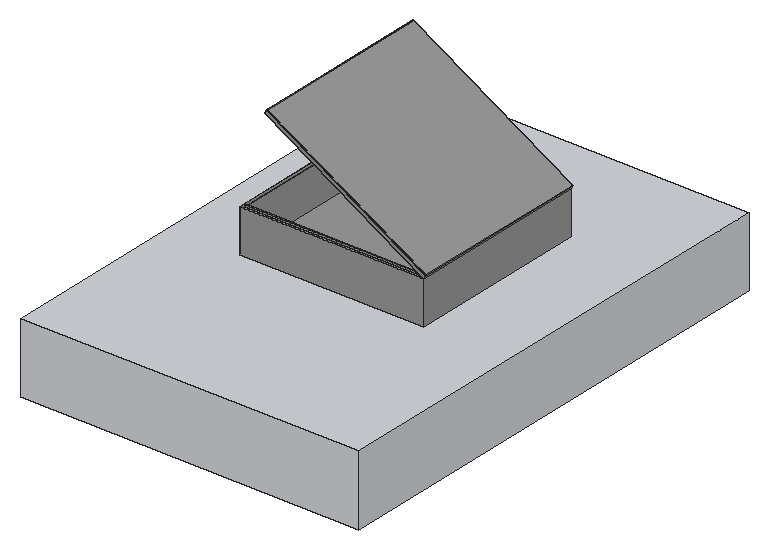
Revit family "Hager-Univers-IP54-D205-H800-Cl.I-Encl-CH-en", category Equipement électrique, Revit 2020
Family settings
  Hôte = Face
  Configuration du panneau = Deux colonnes, circuits au sein
  Cote de connecteur circulaire = Utiliser le diamètre
  Type d'élément = Tableau de raccordement
  Couper avec des vides une fois chargée = Non
  Partagée = Non
  Point de calcul de pièce = Non
Parameters (values of type "Surface mounted (plaster) IP54 W800 H800 D205  - FP53TW2")
  Width Control [instance] = if([EF000008 - Width] > Min Width, [EF000008 - Width], Min Width)  # 800 mm
  Commentaires du type = [HG000003 - Range]  # "Univers"
  Thickness Door [instance] = if([EF009171 - Material plate thickness door/cover] > 3 mm, 3 mm, [EF009171 - Material plate thickness door/cover])  # 1 mm
  Seal Frame Offset [instance] = 17 mm  # constant formula
  Plinth Visibility [instance] = [HG000027 - Plinth height] > 0 mm  # no
  Model = ""
  Min Width [instance] = 100 mm  # constant formula
  Min Height [instance] = 100 mm  # constant formula
  Min Depth [instance] = (2 * [EF009170 - Material plate thickness cabinet]) + 1 mm  # 3 mm
  Internal Frame Depth [instance] = (Door System Depth * 0.5)  # 9 mm
  Height Control [instance] = if([EF000040 - Height] > Min Height, [EF000040 - Height], Min Height)  # 800 mm
  HG000027 - Plinth height = 0 mm
  HG000026 - Floor standing = no
  HG000024 - Bottom section height = 800 mm
  HG000023 - Double section enclosure = no
  HG000016 - Door 3d visibility [instance] = yes
  HG000015 - Clearance visibility [instance] = no
  HG000014 - Door on the right [instance] = yes
  HG000013 - Door on the left [instance] = not([HG000014 - Door on the right])  # no
  HG000012 - Door swing angle [instance] = 30.00°
  HG000010 - Asymmetric doors = no
  HG000009 - Double swing door = no
  HG000006 - Flush mounted = no
  HG000004 - Manufacturer reference = "FP53TW2"
  HG000003 - Range = "Univers"
  HG000002 - With door or cover = yes
  Frame Offset Bottom [instance] = 10 mm  # constant formula
  Frame Offset [instance] = 15 mm  # constant formula
  EF015940 - Cover with overpressure release = no
  EF011959 - Degree of protection (NEMA) = ""
  EF009554 - Number of openings for flange plates = 6
  EF009212 - Cover model = "EV000116 - Closed"
  EF009171 - Material plate thickness door/cover = 1 mm
  EF009170 - Material plate thickness cabinet = 1 mm
  Fabricant = "Hager"  # constant formula
  EF008873 - Nominal current (In) = 250 A
  EF007800 - Suitable for lightning protection = no
  EF006306 - With lock = no
  EF006244 - Transparent cover/door = no
  EF005474 - Degree of protection (IP) = "EV006419 - IP54"
  EF004464 - Type of door = "EV002646 - Single"
  EF004427 - Number of modules = 180
  EF004293 - Impact strength = "EV006815 - IK09"
  EF003532 - Suitable for outdoor use = no
  EF002950 - Width in number of modular spacings = 36
  EF001613 - Circuit integrity = "EV000494 - None"
  EF001596 - Material housing = "EV000179 - Steel"
  EF001131 - Internal depth = 205 mm
  EF001088 - Extension possible = yes
  EF000437 - Number of conduit inlets = 6
  EF000339 - Type of cover = "EV001012 - Cover"
  EF000266 - Number of rows = 5
  EF000218 - Built-in depth = 205 mm
  EF000118 - With mounting plate = no
  EF000116 - RAL-number = "9010"
  EF000049 - Depth = 205 mm
  EF000040 - Height = 800 mm
  EF000008 - Width = 800 mm
  EF000007 - Colour = "EV000202 - White"
  EF000003 - Mounting method = "EV000384 - Surface mounted (plaster)"
  Door System Leaf Tolerance [instance] = 1.5 mm  # constant formula
  Door System Depth [instance] = 18 mm  # constant formula
  Door Height [instance] = Height Control - [HG000027 - Plinth height]  # 800 mm
  Depth Control [instance] = if([EF000049 - Depth] > Min Depth, [EF000049 - Depth], Min Depth)  # 205 mm
  Default Elevation = 0 mm
  Connector Offset [instance] = Height Control / 2  # 400 mm
  Bottom Top Plate Trim [instance] = 1.5 mm  # constant formula
  Plinth height Ctrl [instance] = if([HG000027 - Plinth height] > 0 mm, [HG000027 - Plinth height], 12 mm)  # 12 mm
Types (5, lengths in mm): name | Width Control | HG000004 - Manufacturer reference | EF009554 - Number of openings for flange plates | EF004464 - Type of door | EF004427 - Number of modules | EF002950 - Width in number of modular spacings | EF000437 - Number of conduit inlets | EF000008 - Width
  Surface mounted (plaster) IP54 W1050 H800 D205  - FP54TW2 | 1050 | "FP54TW2" | 8 | "EV003602 - Double" | 240 | 48 | 8 | 1050
  Surface mounted (plaster) IP54 W1300 H800 D205  - FP55TW2 | 1300 | "FP55TW2" | 10 | "EV003602 - Double" | 300 | 60 | 10 | 1300
  Surface mounted (plaster) IP54 W300 H800 D205  - FP51TW2 | 300 | "FP51TW2" | 2 | "EV002646 - Single" | 60 | 12 | 2 | 300
  Surface mounted (plaster) IP54 W550 H800 D205  - FP52TW2 | 550 | "FP52TW2" | 4 | "EV002646 - Single" | 120 | 24 | 4 | 550
  Surface mounted (plaster) IP54 W800 H800 D205  - FP53TW2 | 800 | "FP53TW2" | 6 | "EV002646 - Single" | 180 | 36 | 6 | 800
Reference planes
  plane 1 "Center (Front/Back)": y = 0
  plane 2: z = 0
  plane 3 "Center (Left/Right)": x = 0
  plane 4: z = 205
  plane 5: y = 1
  plane 6: y = 400
  plane 7: y = 0
  plane 8: y = 800
  plane 9: z = 0
  plane 10: x = -385
  plane 11: x = 385
  plane 12: x = 384
  plane 13: x = -384
  plane 14: y = 799
  plane 15: x = -383
  plane 16: x = -400
  plane 17: x = 383
  plane 18: x = 400
  plane 19: x = 399
  plane 20: x = -399
  plane 21: y = 11
  plane 22: y = 800
  plane 23: y = 784
  plane 24: z = 187
  plane 25: z = 1
  plane 26: z = 186
  plane 27: z = 204
Forms (mm)
  Extrusion 1, solid
    sketch origin (0, 0, 0) x (1, 0, 0) y (0, 1, 0)
      loop
        line (-702.964, 1305) -> (-702.964, -811.445) -> (766.763, -811.445) -> (766.763, 1305) -> (-702.964, 1305)
    from 0 to -304.8
  Extrusion 2, solid, material "Hager_Steel_RAL7035_Light_Grey", visible <- "Plinth Visibility", detail levels medium+fine
    sketch origin (0, 0, 0) x (1, 0, 0) y (0, 1, 0)
      loop
        line (-400, 0) -> (400, 0) -> (400, 12) -> (-400, 12) -> (-400, 0)
    from 0 to 187
  Extrusion 3, solid, material "Hager_Steel_RAL7035_Light_Grey", detail levels medium+fine
    sketch origin (0, 0, 0) x (1, 0, 0) y (0, 1, 0)
      loop
        line (-400, 0) -> (400, 0) -> (400, 800) -> (-400, 800) -> (-400, 0)
    from 0 to 187
  Extrusion 4, void
    sketch origin (0, 0, 0) x (1, 0, 0) y (0, 1, 0)
      loop
        line (-399, 1) -> (399, 1) -> (399, 799) -> (-399, 799) -> (-399, 1)
    from 1 to 186
  Extrusion 5, void
    sketch origin (-381.607, -4572, 187) x (0, -1, 0) y (-1, 0, 0)
      loop
        line (-4583, 2.393) -> (-5356, 2.393) -> (-5356, -765.607) -> (-4583, -765.607) -> (-4583, 2.393)
    from 0 to 1 <- "EF009170 - Material plate thickness cabinet"
  Extrusion 6, solid, material "Hager_Steel_RAL7035_Light_Grey", detail levels fine
    sketch origin (0, 0, 187) x (1, 0, 0) y (0, 1, 0)
      loop
        line (-384, 784) -> (-384, 11) -> (384, 11) -> (384, 784) -> (-384, 784)
      loop
        line (-385, 10) -> (385, 10) -> (385, 785) -> (-385, 785) -> (-385, 10)
    from 0 to 9 <- "Internal Frame Depth"
  Extrusion 7, solid, material "Hager_Steel_RAL7035_Light_Grey", detail levels coarse
    sketch origin (0, 0, 0) x (1, 0, 0) y (0, 1, 0)
      loop
        line (-400, 0) -> (400, 0) -> (400, 800) -> (-400, 800) -> (-400, 0)
    from 0 to 205
  Sweep 8, void
    path in 3D
      loop
        line (-400, 12, 0) -> (400, 12, 0) -> (400, 12, 187) -> (-400, 12, 187) -> (-400, 12, 0)
    profile origin (-400, 12, 93.5) x (-1, 0, 0) y (0, -1, 0)
      loop
        line (0, 0) -> (0, 1.5) -> (-1.5, 1.5)
        arc (-1.5, 1.5) -> (-1.061, 0.439) -> (0, 0) r 1.5
Cuts and joins
  Extrusion 4, Extrusion 5 cuts Extrusion 3
  Sweep 8 cuts Extrusion 2
Lines and regions (mm)
  Masking region 1
    outline origin (0, 0, 0) x (1, 0, 0) y (0, 0, 1)
      loop
        line (-400, 205) -> (-400, 0) -> (400, 0) -> (400, 205) -> (-400, 205)
  Masking region 2, detail levels medium+fine
    outline origin (0, 140, 0) x (0, 1, 0) y (0, 0, 1)
      loop
        line (-140, 0) -> (660, 0) -> (660, 187) -> (-140, 187) -> (-140, 0)
  Masking region 3, not visible, detail levels medium+fine
    outline origin (0, 297.922, 0) x (0, 1, 0) y (0, 0, 1)
      loop
        line (113.578, 0) -> (153.578, 0) -> (153.578, 194)
        arc (153.578, 194) -> (150.649, 201.071) -> (143.578, 204) r 10
        line (143.578, 204) -> (113.578, 204) -> (113.578, 0)
  Masking region 4, detail levels coarse
    outline origin (0, 0, 180) x (0, 1, 0) y (0, 0, 1)
      loop
        line (0, -180) -> (800, -180) -> (800, 25) -> (0, 25) -> (0, -180)
  Masking region 5, visible <- "Plinth Visibility", detail levels medium+fine
    outline origin (0, 52.24, 12.345) x (0, 0, -1) y (0, 1, 0)
      loop
        line (10.845, -40.24) -> (-173.155, -40.24)
        arc (-173.155, -40.24) -> (-173.594, -41.301) -> (-174.655, -41.74) r 1.5
        line (-174.655, -41.74) -> (-174.655, -52.24) -> (12.345, -52.24) -> (12.345, -41.74)
        arc (12.345, -41.74) -> (11.285, -41.301) -> (10.845, -40.24) r 1.5
  Masking region 6, detail levels medium+fine
    outline origin (-381.607, -4572, 187) x (-1, 0, 0) y (0, -1, 0)
      loop
        line (18.393, -5372) -> (18.393, -4572) -> (-781.607, -4572) -> (-781.607, -5372) -> (18.393, -5372)
  Masking region 7, visible <- "Plinth Visibility", detail levels medium+fine
    outline origin (-381.607, -4727, 187) x (-1, 0, 0) y (0, -1, 0)
      loop
        arc (16.893, -4739) -> (17.332, -4737.939) -> (18.393, -4737.5) r 1.5
        line (18.393, -4737.5) -> (18.393, -4727) -> (-781.607, -4727) -> (-781.607, -4737.5)
        arc (-781.607, -4737.5) -> (-780.546, -4737.939) -> (-780.107, -4739) r 1.5
        line (-780.107, -4739) -> (16.893, -4739)
  Masking region 8, detail levels coarse
    outline origin (-442.548, -4669.526, 187) x (-1, 0, 0) y (0, -1, 0)
      loop
        line (-42.548, -5469.526) -> (-42.548, -4669.526) -> (-842.548, -4669.526) -> (-842.548, -5469.526) -> (-42.548, -5469.526)
  sketch lines
    curve 1: line (-400, 12, 187) -> (-400, 12, 0)
    curve 2: line (400, 12, 187) -> (-400, 12, 187)
    curve 3: line (400, 12, 187) -> (400, 12, 0)
    curve 4: line (-400, 12, 0) -> (400, 12, 0)
Dimensions and locks
  "Depth Control": plane 4 to Extrusion 1
  "HG000027 - Plinth height": plane 1 "Center (Front/Back)" to plane 7
  "EF009170 - Material plate thickness cabinet": plane 5 to plane 7
  locked: connector elem to plane 3 "Center (Left/Right)"
  equal spacing: plane 8, plane 6, plane 7
  locked: connector elem to plane 6
  "EF009170 - Material plate thickness cabinet": plane 8 to plane 14
  "EF009170 - Material plate thickness cabinet": plane 10 to plane 13
  "EF009170 - Material plate thickness cabinet": plane 12 to plane 11
  "Frame Offset": plane 20 to plane 13
  "Frame Offset": plane 12 to plane 19
  "EF009170 - Material plate thickness cabinet": plane 16 to plane 20
  "EF009170 - Material plate thickness cabinet": plane 19 to plane 18
  "Seal Frame Offset": plane 16 to plane 15
  "Seal Frame Offset": plane 17 to plane 18
  "Frame Offset Bottom": plane 21 to plane 5
  "Frame Offset": plane 14 to plane 23
  equal spacing: plane 16, plane 3 "Center (Left/Right)", plane 18
  "Width Control": plane 16 to plane 18
  "EF009170 - Material plate thickness cabinet": plane 4 to plane 27
  "EF009170 - Material plate thickness cabinet": plane 24 to plane 26
  "EF009170 - Material plate thickness cabinet": plane 25 to level
  "Door System Depth": plane 4 to plane 24
  "Height Control": plane 1 "Center (Front/Back)" to Extrusion 7 sketch curve
  "Height Control": Masking region 4 sketch curve to plane 1 "Center (Front/Back)"
  "Height Control": plane 1 "Center (Front/Back)" to plane 22
  "Bottom Top Plate Trim": profile plane to Sweep 8 sketch curve
  "Bottom Top Plate Trim": Sweep 8 sketch curve to profile plane
  "Plinth height Ctrl": plane 1 "Center (Front/Back)" to Extrusion 2 sketch curve
  "Plinth height Ctrl": Masking region 5 sketch curve to plane 1 "Center (Front/Back)"
  "Plinth height Ctrl": plane 1 "Center (Front/Back)" to Masking region 7 sketch curve
  "Thickness Door": Extrusion 6 sketch curve to Extrusion 6 sketch curve  (x3)
  "Thickness Door": cut or joined group of Extrusion 3, Extrusion 4, Extrusion 5 to Extrusion 6 sketch curve
  radius of Masking region 3 sketch curve = 10 mm
  "Bottom Top Plate Trim": radius of Masking region 5 sketch curve  (x2)
  "Bottom Top Plate Trim": radius of Sweep 8 sketch curve
  "Bottom Top Plate Trim": radius of Masking region 7 sketch curve  (x2)
  aligned and locked: plane 2 to Extrusion 1
  aligned and locked: level to Extrusion 1
  aligned and locked: level to Masking region 1 sketch curve
  aligned and locked: Masking region 1 sketch curve to plane 18
  aligned and locked: Masking region 1 sketch curve to plane 16
  aligned and locked: plane 7 to Masking region 2 sketch curve
  aligned and locked: level to Masking region 3 sketch curve
  aligned and locked: Masking region 3 sketch curve to plane 27
  aligned and locked: level to Masking region 2 sketch curve
  aligned and locked: plane 1 "Center (Front/Back)" to Extrusion 2 sketch curve
  aligned and locked: Extrusion 3 sketch curve to plane 7
  aligned and locked: plane 16 to Extrusion 3 sketch curve
  aligned and locked: plane 18 to Extrusion 3 sketch curve
  aligned and locked: plane 20 to Extrusion 4 sketch curve
  aligned and locked: plane 19 to Extrusion 4 sketch curve
  aligned and locked: Extrusion 4 sketch curve to plane 5
  aligned and locked: Extrusion 4 to plane 25
  aligned and locked: plane 26 to Extrusion 4
  aligned and locked: plane 24 to Extrusion 3
  aligned and locked: Extrusion 5 sketch curve to plane 21
  aligned and locked: Extrusion 5 sketch curve to plane 13
  aligned and locked: Extrusion 5 sketch curve to plane 12
  aligned and locked: plane 18 to Extrusion 7 sketch curve
  aligned and locked: plane 1 "Center (Front/Back)" to Extrusion 7 sketch curve
  aligned and locked: plane 16 to Extrusion 7 sketch curve
  aligned and locked: plane 4 to Extrusion 7
  aligned and locked: Extrusion 7 to level
  aligned and locked: level to Masking region 4 sketch curve
  aligned and locked: Masking region 4 sketch curve to plane 1 "Center (Front/Back)"
  aligned and locked: Masking region 4 sketch curve to plane 4
  aligned and locked: nested 1 to level
  aligned and locked: nested 1 to plane 16
  aligned and locked: plane 8 to Extrusion 3 sketch curve
  aligned and locked: plane 23 to Extrusion 5 sketch curve
  aligned and locked: plane 14 to Extrusion 4 sketch curve
  aligned and locked: Masking region 2 sketch curve to plane 8
  aligned and locked: level to Masking region 5 sketch curve
  aligned and locked: plane 16 to Extrusion 2 sketch curve
  aligned and locked: plane 18 to Extrusion 2 sketch curve
  aligned and locked: Masking region 5 sketch curve to plane 24
  aligned and locked: Masking region 2 sketch curve to plane 24
  aligned and locked: plane 24 to Extrusion 2
  aligned and locked: profile plane to Sweep 8 sketch curve  (x2)
  aligned and locked: Masking region 6 sketch curve to plane 18
  aligned and locked: Masking region 6 sketch curve to plane 22
  aligned and locked: Masking region 6 sketch curve to plane 16
  aligned and locked: plane 8 to plane 22
  aligned and locked: Masking region 6 sketch curve to plane 7
  aligned and locked: Masking region 7 sketch curve to plane 16
  aligned and locked: Masking region 7 sketch curve to plane 1 "Center (Front/Back)"
  aligned and locked: Masking region 7 sketch curve to plane 18
  aligned and locked: Masking region 8 sketch curve to plane 1 "Center (Front/Back)"
  aligned and locked: Masking region 8 sketch curve to plane 18
  aligned and locked: Masking region 8 sketch curve to plane 22
  aligned and locked: Masking region 8 sketch curve to plane 16
  aligned and locked: nested 2 to plane 7
  aligned and locked: plane 3 "Center (Left/Right)" to nested 2
  aligned and locked: nested 2 to plane 24
  aligned and locked: Extrusion 6 sketch curve to cut or joined group of Extrusion 3, Extrusion 4, Extrusion 5  (x4)
Automatic sketch dimensions
  Extrusion 1 sketch curve to Extrusion 1 sketch curve = 1469.727 mm
  Extrusion 1 sketch curve to Extrusion 1 sketch curve = 2116.445 mm
  Masking region 1 sketch curve to plane 4 = 0 mm
  plane 6 to Masking region 3 sketch curve = 11.5 mm
  Masking region 3 sketch curve to Masking region 3 sketch curve = 30 mm
  Masking region 5 sketch curve to plane 1 "Center (Front/Back)" = 0 mm
Nested families
  nested 1: "Hager_Enclosure_Symbol" at (-400, 0, 0) x (1, 0, 0) z (0, -1, 0), Height <- "Depth Control", Width <- "Width Control", type "Hager_Enclosure_Symbol"
    with Width_Ctrl 800 mm, Width 800 mm, Height_Ctrl 205 mm, Height 205 mm, A_Width_Int 13.453 mm, A_Width 161.438 mm, A_Height_Ctrl 179.375 mm, A_Height 179.375 mm
  nested 2: "EC000058_Univers_Door" at (0, 0, 187) x (1, 0, 0) z (0, 1, 0), Leaf_Tolerance <- "Door System Leaf Tolerance", Angle <- "HG000012 - Door swing angle", Door_Depth <- "Door System Depth", Door_Left <- "HG000013 - Door on the left", Transparent <- "EF006244 - Transparent cover/door", Assymetrical <- "HG000010 - Asymmetric doors", Width <- "Width Control", Clearance <- "HG000015 - Clearance visibility", Double <- "HG000009 - Double swing door", 3d_Door <- "HG000016 - Door 3d visibility", Lock_Visibility <- "EF006306 - With lock", Width_Ctrl <- "Width Control", Door_Right <- "HG000014 - Door on the right", Door <- "HG000002 - With door or cover", Height <- "Door Height", Thickness <- "Thickness Door", type "EC000058_Univers_Door", detail levels medium+fine
    with min_wh 3 mm, Width_Ctrl 800 mm, Width 800 mm, Transparent no, Thickness 1 mm, Seal_Material Hager_Rubber, Lock_Visibility no, Lock_Material Hager_Plastic_RAL9005_Jet_Black, Leaf_Width 800 mm, Leaf_Tolerance_External_Sides 0 mm, Leaf_Tolerance 1.5 mm, Leaf_Offset 0 mm, Leaf_Height 797 mm, Leaf_2_Width 800 mm, Leaf_2_Offset 400 mm, Leaf_1_Width 800 mm, Leaf_1_Offset 400 mm, Height_Ctrl 800 mm, Height 800 mm, Glass_Material Hager_Glass, Double_Clearance_Ctrl no, Double no, Door_Right_Ctrl yes, Door_Right yes, Door_Material Hager_Steel_RAL7035_Light_Grey, Door_Left_Ctrl no, Door_Left no, Door_Depth 18 mm, Door yes, Clearance_Material Hager_Clearance, Clearance_Depth 800 mm, Clearance_Ctrl no, Clearance no, Assymetrical no, Angle 30.00°, 3d_Door yes
Connectors
  electrical at (0, 400, 0)
    settings: on plane 9, index 1, voltage 0 V, apparent load 0 VA, apparent load phase1 0 VA, apparent load phase2 0 VA, apparent load phase3 0 VA, power factor 1, load classification "Other", number of poles 1, system type 30, power factor state 1, is connector primary yes, connector utility no, sub classification motor no, connector description ""
Definition of nested family "EC000058_Univers_Door"
  Parameters (values of type "EC000058_Univers_Door")
    min_wh [instance] = (2 * Thickness) + 1 mm  # 11 mm
    Width_Ctrl [instance] = 400 mm
    Width [instance] = 500 mm
    Transparent [instance] = yes
    Thickness [instance] = 5 mm
    Seal_Material [instance] = none
    Lock_Visibility [instance] = yes
    Lock_Material [instance] = none
    Leaf_Width [instance] = if((Width_Ctrl - 2 * Leaf_Tolerance_External_Sides) > 0 mm, (Width_Ctrl - 2 * Leaf_Tolerance_External_Sides), min_wh)  # 400 mm
    Leaf_Tolerance_External_Sides [instance] = 0 mm  # constant formula
    Leaf_Tolerance [instance] = 1.5 mm
    Leaf_Offset [instance] = 0 mm  # constant formula
    Leaf_Height [instance] = if((Height_Ctrl - 2 * Leaf_Tolerance) > 0 mm, (Height_Ctrl - 2 * Leaf_Tolerance), min_wh)  # 497 mm
    Leaf_2_Width [instance] = if(and(and(Double, Assymetrical), Door_Left), (Leaf_Width / 3) - (Leaf_Tolerance / 2), if(and(and(Double, Assymetrical), Door_Right), (Leaf_Width / 3) * 2 - (Leaf_Tolerance / 2), if(and(Double, not(Assymetrical)), (Leaf_Width / 2) - Leaf_Tolerance, Leaf_Width)))  # 400 mm
    Leaf_2_Offset [instance] = if(and(Double, Assymetrical), Leaf_2_Width / 2, if(and(Double, not(Assymetrical)), Leaf_Width / 4, Leaf_Width / 2))  # 200 mm
    Leaf_1_Width [instance] = if(and(and(Double, Assymetrical), Door_Right), (Leaf_Width / 3) - (Leaf_Tolerance / 2), if(and(and(Double, Assymetrical), Door_Left), (Width / 3) * 2 - (Leaf_Tolerance / 2), if(and(Double, not(Assymetrical)), (Leaf_Width / 2) - Leaf_Tolerance, Leaf_Width)))  # 400 mm
    Leaf_1_Offset [instance] = if(and(Double, Assymetrical), Leaf_1_Width / 2, if(and(Double, not(Assymetrical)), Leaf_Width / 4, Leaf_Width / 2))  # 200 mm
    Height_Ctrl [instance] = if(Height > min_wh, Height, min_wh)  # 500 mm
    Height [instance] = 500 mm
    Glass_Material [instance] = none
    Double_Clearance_Ctrl [instance] = and(Double, Clearance)  # no
    Double [instance] = no
    Door_Right_Ctrl [instance] = and(or(Door_Right, Double), Door)  # yes
    Door_Right [instance] = yes
    Door_Material [instance] = none
    Door_Left_Ctrl [instance] = and(or(Door_Left, Double), Door)  # no
    Door_Left [instance] = no
    Door_Depth [instance] = 30 mm
    Door [instance] = yes
    Default Elevation = 1219.2 mm
    Clearance_Material [instance] = none
    Clearance_Depth [instance] = if(Leaf_1_Width > Leaf_2_Width, Leaf_1_Width, Leaf_2_Width)  # 400 mm
    Clearance_Ctrl [instance] = and(not(Double), Clearance)  # yes
    Clearance [instance] = yes
    Assymetrical [instance] = yes
    Angle [instance] = 30.00°
    3d_Door [instance] = yes
  Reference planes
    plane 1 "Center (Front/Back)": y = 0
    plane 2 "Bottom": z = 0
    plane 3 "Center (Left/Right)": x = 0
    plane 4: z = 500
    plane 5: x = -200
    plane 6: x = 200
    plane 7: z = 500
    plane 8: x = -200
    plane 9: z = 0
    plane 10: x = 200
    plane 11: y = 0
    plane 12: z = 1.5
    plane 13: x = -600
    plane 14: y = -400
    plane 15: x = 600
    plane 16: x = 0
    plane 17: x = 0
    plane 18: x = -200
    plane 19: x = 200
    plane 20: z = 498.5
  Forms (mm)
    Extrusion 1, solid, material <- "Clearance_Material", visible <- "Double_Clearance_Ctrl"
      sketch origin (1200, 0, 0) x (1, 0, 0) y (0, 0, -1)
        loop
          line (-1800, -498.5) -> (-600, -498.5) -> (-600, 0) -> (-1800, 0) -> (-1800, -498.5)
      from 0 to -400
  Dimensions and locks
    equal spacing: plane 5, plane 3 "Center (Left/Right)", plane 6
    "Width_Ctrl": plane 5 to plane 6
    "Leaf_Offset": plane 5 to plane 8
    "Leaf_Offset": plane 6 to plane 10
    "Leaf_Offset": plane 9 to level
    "Leaf_Offset": plane 4 to plane 7
    "Height_Ctrl": plane 4 to level
    "Leaf_Tolerance": plane 12 to plane 9
    locked: plane 11 to plane 1 "Center (Front/Back)"
    "Leaf_1_Offset": plane 18 to plane 16
    "Leaf_2_Offset": plane 17 to plane 19
    "Leaf_1_Width": plane 13 to plane 8
    "Leaf_2_Width": plane 10 to plane 15
    "Clearance_Depth": plane 14 to plane 1 "Center (Front/Back)"
    "Leaf_Tolerance_External_Sides": plane 8 to plane 18
    "Leaf_Tolerance_External_Sides": plane 19 to plane 10
    "Leaf_Tolerance": plane 7 to plane 20
    aligned and locked: level to plane 2 "Bottom"
    aligned and locked: nested 1 to plane 16
    aligned and locked: nested 2 to plane 17
    aligned and locked: Extrusion 1 to plane 13
    aligned and locked: plane 15 to Extrusion 1
    aligned and locked: Extrusion 1 to plane 14
    aligned and locked: plane 12 to nested 1
    aligned and locked: nested 2 to plane 12
    aligned and locked: Extrusion 1 to plane 11
    aligned and locked: plane 20 to Extrusion 1
    aligned and locked: nested 2 to plane 11
    aligned and locked: nested 1 to plane 11
  Automatic sketch dimensions
    Extrusion 1 sketch curve to level = 0 mm
    plane 5 to Extrusion 1 sketch curve = 400 mm
    plane 6 to Extrusion 1 sketch curve = 400 mm
    Extrusion 1 sketch curve to plane 4 = 1.5 mm
  Nested families
    nested 1: "EC000058_Univers_Door_Leaf" at (0, 0, 1.5), Width <- "Leaf_1_Width", visible <- "Door_Left_Ctrl", Leaf_Height <- "Leaf_Height", Angle <- "Angle", 3d_Door <- "3d_Door", Transparent <- "Transparent", Clearance Material <- "Clearance_Material", Clearance <- "Clearance_Ctrl", Door_Material <- "Door_Material", Glass_Material <- "Glass_Material", Door_Depth <- "Door_Depth", Lock_Material <- "Lock_Material", Seal_Material <- "Seal_Material", Lock_Visibility <- "Lock_Visibility", Thickness <- "Thickness", type "EC000058_Univers_Door_Leaf"
      with Width 400 mm, Transparent_Glass_Offset 30 mm, Transparent_Ctrl yes, Transparent yes, Thickness 5 mm, Standard no, Seal_Material none, Seal_D2 8 mm, Seal_D1 1 mm, Offset_Internal_Frame 10 mm, Lock_Width 20 mm, Lock_Visibility_3d yes, Lock_Visibility yes, Lock_Thickness_3 3 mm, Lock_Thickness_2 1 mm, Lock_Thickness_1 3 mm, Lock_Radius_Offset_2 16 mm, Lock_Radius_Offset_1 15 mm, Lock_Radius_2 5 mm, Lock_Radius 6 mm, Lock_Offset 5 mm, Lock_Material none, Lock_Height 80 mm, Lock_Cover_Top_Offset_2d 17 mm, Lock_Cover_Height -65 mm, Leaf_Height 497 mm, Internal_Seal_Thickness 8 mm, Internal_Seal_Depth_2 4.5 mm, Internal_Frame_Depth 25 mm, Glass_Thickness -1 mm, Glass_Offset -2 mm, Glass_Material none, Door_Material none, Door_Depth 30 mm, Clearance Material none, Clearance yes, Angle_Ctrl 30.00°, Angle 30.00°, 3d_Door yes
    nested 2: "EC000058_Univers_Door_Leaf" at (0, 0, 1.5) x (-1, 0, 0) z (0, 0, 1), Width <- "Leaf_2_Width", visible <- "Door_Right_Ctrl", Leaf_Height <- "Leaf_Height", Angle <- "Angle", 3d_Door <- "3d_Door", Transparent <- "Transparent", Clearance Material <- "Clearance_Material", Clearance <- "Clearance_Ctrl", Door_Material <- "Door_Material", Glass_Material <- "Glass_Material", Door_Depth <- "Door_Depth", Lock_Material <- "Lock_Material", Seal_Material <- "Seal_Material", Lock_Visibility <- "Lock_Visibility", Thickness <- "Thickness", type "EC000058_Univers_Door_Leaf"
      with Width 400 mm, Transparent_Glass_Offset 30 mm, Transparent_Ctrl yes, Transparent yes, Thickness 5 mm, Standard no, Seal_Material none, Seal_D2 8 mm, Seal_D1 1 mm, Offset_Internal_Frame 10 mm, Lock_Width 20 mm, Lock_Visibility_3d yes, Lock_Visibility yes, Lock_Thickness_3 3 mm, Lock_Thickness_2 1 mm, Lock_Thickness_1 3 mm, Lock_Radius_Offset_2 16 mm, Lock_Radius_Offset_1 15 mm, Lock_Radius_2 5 mm, Lock_Radius 6 mm, Lock_Offset 5 mm, Lock_Material none, Lock_Height 80 mm, Lock_Cover_Top_Offset_2d 17 mm, Lock_Cover_Height -65 mm, Leaf_Height 497 mm, Internal_Seal_Thickness 8 mm, Internal_Seal_Depth_2 4.5 mm, Internal_Frame_Depth 25 mm, Glass_Thickness -1 mm, Glass_Offset -2 mm, Glass_Material none, Door_Material none, Door_Depth 30 mm, Clearance Material none, Clearance yes, Angle_Ctrl 30.00°, Angle 30.00°, 3d_Door yes
  Definition of nested family "EC000058_Univers_Door_Leaf"
    Parameters (values of type "EC000058_Univers_Door_Leaf")
      Width [instance] = 2000 mm
      Transparent_Glass_Offset [instance] = 30 mm
      Transparent_Ctrl [instance] = and(Transparent, [3d_Door])  # yes
      Transparent [instance] = yes
      Thickness [instance] = 5 mm
      Standard [instance] = and(not(Transparent), [3d_Door])  # no
      Seal_Material [instance] = none
      Seal_D2 [instance] = 8 mm  # constant formula
      Seal_D1 [instance] = 1 mm  # constant formula
      Offset_Internal_Frame [instance] = 10 mm  # constant formula
      Lock_Width [instance] = 20 mm  # constant formula
      Lock_Visibility_3d [instance] = and(Lock_Visibility, [3d_Door])  # yes
      Lock_Visibility [instance] = yes
      Lock_Thickness_3 [instance] = 3 mm  # constant formula
      Lock_Thickness_2 [instance] = 1 mm  # constant formula
      Lock_Thickness_1 [instance] = 3 mm  # constant formula
      Lock_Radius_Offset_2 [instance] = Lock_Radius_Offset_1 + 1 mm  # 16 mm
      Lock_Radius_Offset_1 [instance] = 15 mm  # constant formula
      Lock_Radius_2 [instance] = Lock_Radius - 1 mm  # 5 mm
      Lock_Radius [instance] = 6 mm  # constant formula
      Lock_Offset [instance] = 5 mm  # constant formula
      Lock_Material [instance] = none
      Lock_Height [instance] = 80 mm  # constant formula
      Lock_Cover_Top_Offset_2d [instance] = Lock_Radius_Offset_2 + 1 mm  # 17 mm
      Lock_Cover_Height [instance] = -(Lock_Height - Lock_Radius_Offset_1)  # -65 mm
      Leaf_Height [instance] = 2720.336 mm
      Internal_Seal_Thickness [instance] = 8 mm  # constant formula
      Internal_Seal_Depth_2 [instance] = 4.5 mm  # constant formula
      Internal_Frame_Depth [instance] = if(Door_Depth - Thickness > 5 mm, Door_Depth - Thickness, 5 mm)  # 25 mm
      Glass_Thickness [instance] = if(Thickness > 15 mm, Glass_Offset + 10 mm, -1 mm)  # -1 mm
      Glass_Offset [instance] = if(Thickness > 15 mm, -(Thickness + 10 mm) / 2, -2 mm)  # -2 mm
      Glass_Material [instance] = none
      Door_Material [instance] = none
      Door_Depth [instance] = 30 mm
      Default Elevation = 0 mm
      Clearance Material [instance] = none
      Clearance [instance] = yes
      Angle_Ctrl [instance] = if(Angle > 180.00°, 180.00°, Angle)  # 90.00°
      Angle [instance] = 90.00°
      3d_Door [instance] = yes
    Reference planes
      plane 1 "Center (Front/Back)": y = 0
      plane 2: z = 0
      plane 3 "Center (Left/Right)": x = 0
      plane 4: y = 2000
      plane 5: x = -1000
      plane 6: x = 1000
      plane 7: x = -3000
      plane 8: z = 2720.336
      plane 9: z = 30
      plane 10: z = 2690.336
      plane 11: x = 970
      plane 12: x = -970
      plane 13: y = -3
      plane 14: z = 107.833
      plane 15: y = -5
      plane 16: y = -223.314
      plane 17: x = -1000
      plane 18: z = 1360.168
      plane 19: y = 30
    Forms (mm)
      Extrusion 1, solid, material <- "Clearance Material", visible <- "Clearance"
        sketch origin (0, 0, 0) x (1, 0, 0) y (0, 0, 1)
          loop
            line (-3000, 2720.336) -> (-3000, 0) -> (1000, 0) -> (1000, 2720.336) -> (-3000, 2720.336)
        from 0 to -2000
      Extrusion 2, solid, material <- "Door_Material", visible <- "Standard", detail levels medium+fine
        sketch origin (-1000, 0, 0) x (0, 1, 0) y (-1, 0, 0)
          loop
            line (0, 30) -> (0, 25) -> (2000, 25) -> (2000, 30) -> (0, 30)
        from 0 to 2720.336 <- "Leaf_Height"
      Extrusion 3, solid, material <- "Door_Material", visible <- "Transparent_Ctrl", detail levels medium+fine
        sketch origin (-1000, 0, 0) x (0, 1, 0) y (-1, 0, 0)
          loop
            line (0, 25) -> (2000, 25) -> (2000, 30) -> (0, 30) -> (0, 25)
        from 0 to 2720.336 <- "Leaf_Height"
      Extrusion 4, void
        sketch origin (-1025, 2000, 0) x (0, 1, 0) y (0, 0, -1)
          loop
            line (-30, -2690.336) -> (-30, -30) -> (-1970, -30) -> (-1970, -2690.336) -> (-30, -2690.336)
        from 0 to 5 <- "Thickness"
      Sweep 5, solid, material <- "Seal_Material", visible <- "Transparent_Ctrl", detail levels fine
        path in 3D
          loop
            line (-1025, 30, 30) -> (-1025, 30, 2690.336) -> (-1025, 1970, 2690.336) -> (-1025, 1970, 30) -> (-1025, 30, 30)
        profile origin (-1025, 1000, 30) x (1, 0, 0) y (0, 0, 1)
          loop
            line (0, 0) -> (0, -8) -> (1, -8) -> (1, 0) -> (0, 0)
      Extrusion 6, solid, material <- "Glass_Material", visible <- "Transparent_Ctrl", detail levels medium+fine
        sketch origin (-1030, 0, 0) x (0, 1, 0) y (0, 0, -1)
          loop
            line (1970, -2690.336) -> (1970, -30) -> (30, -30) -> (30, -2690.336) -> (1970, -2690.336)
        from -2 <- "Glass_Offset" to -1 <- "Glass_Thickness"
      Extrusion 7, solid, material <- "Door_Material", visible <- "3d_Door", detail levels medium+fine
        sketch origin (-1025, 2000, 0) x (0, -1, 0) y (0, 0, -1)
          loop
            line (0, -2720.336) -> (2000, -2720.336) -> (2000, 0) -> (0, 0) -> (0, -2720.336)
          loop
            line (1995, -5) -> (5, -5) -> (5, -2715.336) -> (1995, -2715.336) -> (1995, -5)
        from 0 to 25 <- "Internal_Frame_Depth"
      Sweep 8, solid, material <- "Seal_Material", visible <- "Transparent_Ctrl", detail levels fine
        path in 3D
          loop
            line (-1025, 0, 0) -> (-1025, 2000, 0) -> (-1025, 2000, 2720.336) -> (-1025, 0, 2720.336) -> (-1025, 0, 0)
        profile origin (-1025, 0, 1360.168) x (1, 0, 0) y (0, 1, 0)
          loop
            line (0, 10) -> (2.975, 10)
            arc (2.975, 10) -> (4.053, 10.447) -> (4.5, 11.525) r 1.525
            line (4.5, 11.525) -> (4.5, 16.527)
            arc (4.5, 16.527) -> (4.069, 17.569) -> (3.027, 18) r 1.473
            line (3.027, 18) -> (0, 18) -> (0, 10)
      Extrusion 9, solid, material <- "Lock_Material", visible <- "Lock_Visibility_3d", detail levels fine
        sketch origin (-1030, 0, 0) x (0, 1, 0) y (0, 0, -1)
          loop
            arc (1993.5, -1400.168) -> (1994.561, -1399.729) -> (1995, -1398.668) r 1.5
            line (1995, -1398.668) -> (1995, -1320.168) -> (1975, -1320.168) -> (1975, -1398.668)
            arc (1975, -1398.668) -> (1975.439, -1399.729) -> (1976.5, -1400.168) r 1.5
            line (1976.5, -1400.168) -> (1993.5, -1400.168)
        from 3 <- "Lock_Thickness_1" to 0
      Blend 10, solid, material <- "Lock_Material", visible <- "Lock_Visibility_3d", detail levels fine
        base sketch origin (-1033, 0, 0) x (0, 1, 0) y (0, 0, -1)
          loop
            line (1975, -1320.168) -> (1975, -1398.668)
            arc (1975, -1398.668) -> (1975.439, -1399.729) -> (1976.5, -1400.168) r 1.5
            line (1976.5, -1400.168) -> (1993.5, -1400.168)
            arc (1993.5, -1400.168) -> (1994.561, -1399.729) -> (1995, -1398.668) r 1.5
            line (1995, -1398.668) -> (1995, -1320.168) -> (1975, -1320.168)
        top sketch origin (-1033, 0, 0) x (0, 1, 0) y (0, 0, -1)
          loop
            line (1976, -1320.168) -> (1976, -1398.668)
            arc (1976, -1398.668) -> (1976.146, -1399.022) -> (1976.5, -1399.168) r 0.5
            line (1976.5, -1399.168) -> (1993.5, -1399.168)
            arc (1993.5, -1399.168) -> (1993.854, -1399.022) -> (1994, -1398.668) r 0.5
            line (1994, -1398.668) -> (1994, -1320.168) -> (1976, -1320.168)
        from 0 to 1 <- "Lock_Thickness_2"
      Blend 11, solid, material <- "Lock_Material", visible <- "Lock_Visibility_3d", detail levels fine
        base sketch origin (-1034, 0, 0) x (0, 1, 0) y (0, 0, -1)
          loop
            line (1978, -1320.168) -> (1978, -1384.168)
            arc (1978, -1384.168) -> (1985, -1391.168) -> (1992, -1384.168) r 7
            line (1992, -1384.168) -> (1992, -1320.168) -> (1978, -1320.168)
        top sketch origin (-1034, 0, 0) x (0, 1, 0) y (0, 0, -1)
          loop
            line (1991, -1320.168) -> (1979, -1320.168) -> (1979, -1383.168)
            arc (1979, -1383.168) -> (1985, -1389.168) -> (1991, -1383.168) r 6
            line (1991, -1383.168) -> (1991, -1320.168)
        from 0 to 3 <- "Lock_Thickness_3"
      Extrusion 12, solid, material <- "Lock_Material", visible <- "Lock_Visibility_3d", detail levels fine
        sketch origin (-1030, 1975, 1320.168) x (1, 0, 0) y (0, -1, 0)
          loop
            line (-7, -19) -> (-7, -1) -> (0, -1) -> (0, 0) -> (-8, 0) -> (-8, -20) -> (0, -20) -> (0, -19) -> (-7, -19)
        from 0 to -65 <- "Lock_Cover_Height"
      Extrusion 13, void
        sketch origin (-1038, 1995, 1320.168) x (-1, 0, 0) y (0, 0, -1)
          loop
            line (-5, -65) -> (0, -65) -> (-5, -60) -> (-5, -65)
        from 0 to 20 <- "Lock_Width"
      Extrusion 14, void
        sketch origin (-1038, 1975, 1320.168) x (0, -1, 0) y (0, 0, -1)
          loop
            circle (-10, -15.995) r 6
          loop
            circle (-10, -15.995) r 5
        from 0 to 2
      Extrusion 15, solid, material <- "Lock_Material", visible <- "Lock_Visibility_3d", detail levels medium
        sketch origin (-1030, 0, 0) x (0, 1, 0) y (0, 0, -1)
          loop
            arc (1993.5, -1400.168) -> (1994.561, -1399.729) -> (1995, -1398.668) r 1.5
            line (1995, -1398.668) -> (1995, -1320.168) -> (1975, -1320.168) -> (1975, -1398.668)
            arc (1975, -1398.668) -> (1975.439, -1399.729) -> (1976.5, -1400.168) r 1.5
            line (1976.5, -1400.168) -> (1993.5, -1400.168)
        from 8 to 0
    Cuts and joins
      Extrusion 4 cuts Extrusion 3
      Extrusion 13, Extrusion 14 cuts Extrusion 9
      Extrusion 14 cuts Blend 11
      Extrusion 13, Extrusion 14 cuts Extrusion 12
      joined: Extrusion 9, Blend 10, Blend 11, Extrusion 12
      Extrusion 14 cuts Extrusion 15
    Lines and regions (mm)
      Masking region 1, visible <- "Lock_Visibility", detail levels fine
        outline origin (0, 0, 0) x (0, 1, 0) y (0, 0, 1)
          loop
            line (30, 1320.168) -> (33, 1320.168) -> (33, 1400.168) -> (30, 1400.168) -> (30, 1320.168)
      Masking region 2, visible <- "Lock_Visibility", detail levels fine
        outline origin (0, 3.143, 0) x (0, 1, 0) y (0, 0, 1)
          loop
            line (29.857, 1354.168) -> (30.857, 1354.168) -> (30.857, 1366.168) -> (29.857, 1366.168) -> (29.857, 1354.168)
      Masking region 3, detail levels medium+fine
        outline origin (0, 0, 0) x (0, 1, 0) y (0, 0, 1)
          loop
            line (0, 0) -> (30, 0) -> (30, 2720.336) -> (0, 2720.336) -> (0, 0)
      Masking region 4, detail levels medium+fine
        outline origin (0, 0, 0) x (1, 0, 0) y (0, 0, 1)
          loop
            line (-1000, 2720.336) -> (-1000, 0) -> (1000, 0) -> (1000, 2720.336) -> (-1000, 2720.336)
      Masking region 5, visible <- "Lock_Visibility", detail levels fine
        outline origin (-47.116, 0, 0) x (1, 0, 0) y (0, 0, 1)
          loop
            arc (1024.616, 1399.168) -> (1023.556, 1398.729) -> (1023.116, 1397.668) r 1.5
            line (1023.116, 1397.668) -> (1023.116, 1320.168) -> (1041.116, 1320.168) -> (1041.116, 1397.668)
            arc (1041.116, 1397.668) -> (1040.677, 1398.729) -> (1039.616, 1399.168) r 1.5
            line (1039.616, 1399.168) -> (1024.616, 1399.168)
      Masking region 6, visible <- "Lock_Visibility", detail levels medium+fine
        outline origin (-25, 0, 0) x (1, 0, 0) y (0, 0, 1)
          loop
            arc (1001.5, 1400.168) -> (1000.439, 1399.729) -> (1000, 1398.668) r 1.5
            line (1000, 1398.668) -> (1000, 1320.168) -> (1020, 1320.168) -> (1020, 1398.668)
            arc (1020, 1398.668) -> (1019.561, 1399.729) -> (1018.5, 1400.168) r 1.5
            line (1018.5, 1400.168) -> (1001.5, 1400.168)
      Masking region 7, visible <- "Lock_Visibility", detail levels fine
        outline origin (-73.735, 0, 0) x (1, 0, 0) y (0, 0, 1)
          loop
            line (1051.735, 1382.168) -> (1065.735, 1382.168) -> (1065.735, 1384.168)
            arc (1065.735, 1384.168) -> (1058.735, 1391.168) -> (1051.735, 1384.168) r 7
            line (1051.735, 1384.168) -> (1051.735, 1382.168)
      Masking region 8, visible <- "Lock_Visibility", detail levels fine
        outline origin (-73.735, 0, 0) x (1, 0, 0) y (0, 0, 1)
          loop
            line (1052.735, 1382.168) -> (1064.735, 1382.168) -> (1064.735, 1383.168)
            arc (1064.735, 1383.168) -> (1058.735, 1389.168) -> (1052.735, 1383.168) r 6
            line (1052.735, 1383.168) -> (1052.735, 1382.168)
      Masking region 9, visible <- "Lock_Visibility", detail levels fine
        outline origin (-25, 0, 0) x (1, 0, 0) y (0, 0, 1)
          loop
            line (1020, 1320.168) -> (1020, 1382.168) -> (1000, 1382.168) -> (1000, 1320.168) -> (1020, 1320.168)
      Masking region 10, detail levels medium+fine
        outline origin (0, 0, 0) x (1, 0, 0) y (0, 0, 1)
          loop
            circle (985, 1335.144) r 6
      Masking region 11, detail levels fine
        outline origin (0, 0, 0) x (1, 0, 0) y (0, 0, 1)
          loop
            circle (985, 1335.144) r 5
      Masking region 12, visible <- "Lock_Visibility", detail levels fine
        outline origin (0, 12.767, 0) x (0, 1, 0) y (0, 0, 1)
          loop
            line (20.233, 1320.168) -> (21.233, 1320.168) -> (21.233, 1399.168) -> (20.233, 1400.168) -> (20.233, 1320.168)
      Masking region 13, visible <- "Lock_Visibility", detail levels fine
        outline origin (0, 13.767, -10) x (0, 1, 0) y (0, 0, 1)
          loop
            line (20.233, 1330.168) -> (23.233, 1330.168) -> (23.233, 1399.168) -> (20.233, 1402.168) -> (20.233, 1330.168)
      Masking region 14, visible <- "Lock_Visibility", detail levels fine
        outline origin (0, 12.767, -10) x (0, 1, 0) y (0, 0, 1)
          loop
            line (20.233, 1330.168) -> (25.233, 1330.168) -> (25.233, 1399.305) -> (20.233, 1394.305) -> (20.233, 1330.168)
      Masking region 15, visible <- "Lock_Visibility", detail levels medium
        outline origin (0, 0, 0) x (0, 1, 0) y (0, 0, 1)
          loop
            line (30, 1320.168) -> (38, 1320.168) -> (38, 1400.168) -> (30, 1400.168) -> (30, 1320.168)
      Masking region 16, visible <- "Lock_Visibility", detail levels fine
        outline origin (-1000, 0, 0) x (0, 1, 0) y (-1, 0, 0)
          loop
            line (1975, 30) -> (1995, 30) -> (1995, 38) -> (1975, 38) -> (1975, 30)
          loop
            line (1979, 37) -> (1976, 37) -> (1976, 34) -> (1978, 34) -> (1979, 37)
          loop
            line (1994, 37) -> (1991, 37) -> (1992, 34) -> (1994, 34) -> (1994, 37)
      Masking region 17, visible <- "Lock_Visibility", detail levels medium
        outline origin (-1000, 0, 0) x (0, 1, 0) y (-1, 0, 0)
          loop
            line (1975, 30) -> (1995, 30) -> (1995, 38) -> (1975, 38) -> (1975, 30)
      symbolic lines
        curve 1: line (1000, 0, 0) -> (-3000, 0, 0)
        curve 2: arc (1000, 0, 0) -> (-1000, 2000, 0) -> (-3000, 0, 0) r 2000
        curve 4: line (-1030, 0, 0) -> (-1030, 2000, 0)
      reference lines
        curve 3: line (-1000, 0, 0) -> (-1000, 2000, 0)
      symbolic lines, detail levels medium+fine
        curve 5: line (-1030, 2000, 0) -> (-1025, 2000, 0)
        curve 7: line (-1025, 0, 0) -> (-1030, 0, 0)
        curve 8: line (-1025, 0, 0) -> (-1000, 0, 0)
        curve 9: line (-1000, 0, 0) -> (-1000, 2000, 0)
        curve 10: line (-1000, 2000, 0) -> (-1025, 2000, 0)
      symbolic lines, detail levels fine
        curve 6: line (-1025, 2000, 0) -> (-1025, 0, 0)
      sketch lines
        curve 11: line (-1025, 0, 2720.336) -> (-1025, 0, 0)
        curve 12: line (-1025, 2000, 0) -> (-1025, 0, 0)
        curve 13: line (-1025, 2000, 2720.336) -> (-1025, 2000, 0)
        curve 14: line (-1025, 0, 2720.336) -> (-1025, 2000, 2720.336)
        curve 15: line (-1025, 1970, 30) -> (-1025, 30, 30)
        curve 16: line (-1025, 30, 30) -> (-1025, 30, 2690.336)
        curve 17: line (-1025, 1970, 2690.336) -> (-1025, 1970, 30)
        curve 18: line (-1025, 30, 2690.336) -> (-1025, 1970, 2690.336)
      symbolic lines, visible <- "Transparent", detail levels medium+fine
        curve 19: line (-970, 0, 2690.336) -> (970, 0, 2690.336)
        curve 20: line (-970, 0, 30) -> (-970, 0, 2690.336)
        curve 21: line (970, 0, 30) -> (-970, 0, 30)
        curve 22: line (970, 0, 2690.336) -> (970, 0, 30)
    Dimensions and locks
      "Width": plane 1 "Center (Front/Back)" to plane 4
      equal spacing: plane 5, plane 3 "Center (Left/Right)", plane 6
      "Width": plane 5 to plane 6
      "Width": plane 7 to plane 5
      "Leaf_Height": plane 8 to level
      "Width": curve 5 to curve 3
      "Width": curve 3 to curve 3
      plane 8 to plane 10 = 30 mm
      plane 9 to level = 30 mm
      plane 12 to plane 5 = 30 mm
      plane 6 to plane 11 = 30 mm
      Extrusion 1 to Extrusion 4 sketch curve = 30 mm
      "Transparent_Glass_Offset": curve 3 to Extrusion 4 sketch curve
      "Transparent_Glass_Offset": Extrusion 4 sketch curve to cut or joined group of Extrusion 3, Extrusion 4  (x2)
      cut or joined group of Extrusion 3, Extrusion 4 to Extrusion 6 sketch curve = 30 mm
      "Transparent_Glass_Offset": cut or joined group of Extrusion 3, Extrusion 4 to Extrusion 4 sketch curve
      "Thickness": curve 6 to curve 4
      "Thickness": Extrusion 7 sketch curve to Extrusion 7 sketch curve  (x4)
      "Door_Depth": curve 4 to curve 3
      "Offset_Internal_Frame": profile plane to Sweep 8 sketch curve
      "Internal_Seal_Thickness": Sweep 8 sketch curve to Sweep 8 sketch curve
      "Internal_Seal_Depth_2": profile plane to Sweep 8 sketch curve
      "Seal_D1": profile plane to Sweep 5 sketch curve
      "Seal_D2": profile plane to Sweep 5 sketch curve
      "Thickness": Extrusion 2 sketch curve to Extrusion 2 sketch curve
      equal spacing: Extrusion 9 sketch curve, plane 18, Extrusion 9 sketch curve  (x2)
      equal spacing: Masking region 1 sketch curve, plane 18, Masking region 1 sketch curve
      "Lock_Height": Masking region 1 sketch curve to Masking region 1 sketch curve
      "Lock_Radius": Masking region 2 sketch curve to plane 18 to Masking region 2 sketch curve
      Masking region 2 sketch curve to Masking region 1 = 1 mm
      "Door_Depth": plane 19 to plane 1 "Center (Front/Back)"
      "Lock_Thickness_1": Masking region 1 sketch curve to plane 19
      "Lock_Width": Extrusion 9 sketch curve to Extrusion 9 sketch curve
      "Lock_Height": Extrusion 9 sketch curve to Extrusion 9 sketch curve
      "Lock_Offset": cut or joined group of Extrusion 3, Extrusion 4 to Extrusion 9 sketch curve
      equal spacing: plane 8, plane 18, level
      "Lock_Radius_Offset_1": Blend 11 sketch curve to Blend 10
      locked: Blend 10 to Blend 11 sketch curve at 2  (x2)
      locked: var sketch to Blend 11 sketch curve at 1  (x2)
      "Lock_Radius_Offset_2": Blend 11 sketch curve to Blend 10
      locked: Extrusion 12 sketch curve to Extrusion 12 sketch curve at 1  (x3)
      Masking region 6 sketch curve to Masking region 6 sketch curve = 80 mm
      "Lock_Height": Masking region 6 sketch curve to Masking region 6 sketch curve
      "Lock_Width": Masking region 6 sketch curve to Masking region 6 sketch curve
      locked: Masking region 6 to Masking region 5 sketch curve at 1  (x3)
      locked: Masking region 5 to Masking region 7 sketch curve at 2  (x2)
      "Lock_Radius_Offset_1": Masking region 5 to Masking region 7 sketch curve
      "Lock_Radius_Offset_2": Masking region 5 to Masking region 8 sketch curve
      locked: Masking region 7 to Masking region 8 sketch curve at 1  (x2)
      "Lock_Cover_Top_Offset_2d": Masking region 5 to Masking region 9 sketch curve
      equal spacing: Masking region 9, Masking region 10 sketch curve, Masking region 9
      equal spacing: Masking region 9, Masking region 11 sketch curve, Masking region 9
      Extrusion 15 sketch curve to Extrusion 15 sketch curve = 80 mm
      "Lock_Width": Extrusion 15 sketch curve to Extrusion 15 sketch curve
      "Lock_Height": Extrusion 15 sketch curve to Extrusion 15 sketch curve
      equal spacing: Extrusion 15 sketch curve, plane 18, Extrusion 15 sketch curve
      "Lock_Thickness_3": Masking region 13 sketch curve to Masking region 13 sketch curve
      "Lock_Height": Masking region 12 sketch curve to Masking region 12 sketch curve
      locked: Masking region 13 sketch curve to Masking region 1 at 8
      locked: Masking region 14 sketch curve to Masking region 13 at 1
      locked: Masking region 14 sketch curve to Masking region 1 at 10.863
      "Lock_Height": Masking region 15 sketch curve to Masking region 15 sketch curve
      "Lock_Offset": Extrusion 15 sketch curve to cut or joined group of Extrusion 3, Extrusion 4
      "Lock_Offset": plane 6 to Masking region 6 sketch curve
      radius of Sweep 8 sketch curve = 1.525 mm
      radius of Sweep 8 sketch curve = 1.473 mm
      radius of Extrusion 9 sketch curve = 1.5 mm  (x2)
      "Lock_Radius": radius of Extrusion 14 sketch curve
      "Lock_Radius_2": radius of Extrusion 14 sketch curve
      "Lock_Radius": radius of Masking region 10 sketch curve
      "Lock_Radius_2": radius of Masking region 11 sketch curve
      radius of Extrusion 15 sketch curve = 1.5 mm  (x2)
      "Angle_Ctrl": angle plane 1 "Center (Front/Back)" to curve 3
      locked: Masking region 12 sketch curve to Masking region 12 sketch curve (angle 45.00°)
      locked: Masking region 13 sketch curve to Masking region 13 sketch curve (angle 45.00°)
      locked: Masking region 14 sketch curve to Masking region 14 sketch curve (angle 45.00°)
      aligned and locked: level to plane 2
      aligned and locked: Extrusion 1 to curve 1
      aligned and locked: plane 6 to Extrusion 1
      aligned and locked: Extrusion 1 to plane 1 "Center (Front/Back)"
      aligned and locked: plane 4 to Extrusion 1
      aligned and locked: plane 8 to Extrusion 1
      aligned and locked: curve 7 to Extrusion 2 sketch curve
      aligned and locked: curve 5 to Extrusion 2 sketch curve
      aligned and locked: curve 7 to Extrusion 3 sketch curve
      aligned and locked: Extrusion 3 sketch curve to curve 4
      aligned and locked: Extrusion 3 sketch curve to curve 6
      aligned and locked: Extrusion 3 sketch curve to curve 5
      aligned and locked: curve 9 to curve 3
      aligned and locked: Extrusion 7 sketch curve to cut or joined group of Extrusion 3, Extrusion 4  (x4)
      aligned and locked: plane 17 to curve 3
      aligned and locked: plane 1 "Center (Front/Back)" to curve 3
      aligned and locked: plane 17 to plane 5
      aligned and locked: Sweep 8 sketch curve to profile plane
      aligned and locked: Sweep 5 sketch curve to profile plane  (x2)
      aligned and locked: Masking region 1 to Masking region 2 sketch curve
      aligned and locked: plane 19 to Masking region 1 sketch curve
      aligned and locked: plane 1 "Center (Front/Back)" to Masking region 3 sketch curve
      aligned and locked: plane 19 to Masking region 3 sketch curve
      aligned and locked: level to Masking region 3 sketch curve
      aligned and locked: Masking region 3 sketch curve to plane 8
      aligned and locked: plane 17 to Masking region 4 sketch curve
      aligned and locked: level to Masking region 4 sketch curve
      aligned and locked: Masking region 4 sketch curve to plane 8
      aligned and locked: plane 12 to curve 20
      aligned and locked: plane 10 to curve 19
      aligned and locked: plane 11 to curve 22
      aligned and locked: curve 21 to plane 9
      aligned and locked: Extrusion 2 sketch curve to cut or joined group of Extrusion 3, Extrusion 4
      aligned and locked: Blend 10 sketch curve to Extrusion 9  (x4)
      aligned and locked: Extrusion 9 to Blend 10 sketch curve
      aligned and locked: Blend 10 to Blend 11 sketch curve
      aligned and locked: Extrusion 12 sketch curve to Blend 11
      aligned and locked: Extrusion 12 sketch curve to Extrusion 9  (x4)
      aligned and locked: Masking region 5 sketch curve to Masking region 6
      aligned and locked: Masking region 9 sketch curve to Masking region 6  (x3)
      aligned and locked: Masking region 12 sketch curve to Masking region 1
      aligned and locked: Masking region 13 sketch curve to Masking region 1
      aligned and locked: Masking region 12 to Masking region 14
      aligned and locked: Masking region 14 sketch curve to Masking region 1
      aligned and locked: Masking region 15 sketch curve to Masking region 14
      aligned and locked: Masking region 13 sketch curve to Masking region 12
      aligned and locked: Masking region 16 sketch curve to cut or joined group of Extrusion 14, Extrusion 15  (x4)
      aligned and locked: Masking region 16 sketch curve to cut or joined group of Extrusion 9, Blend 10, Blend 11, Extrusion 12, Extrusion 13, Extrusion 14  (x6)
      aligned and locked: cut or joined group of Extrusion 9, Blend 10, Blend 11, Extrusion 12, Extrusion 13, Extrusion 14 to Masking region 16 sketch curve
      aligned and locked: Masking region 17 sketch curve to cut or joined group of Extrusion 14, Extrusion 15  (x3)
      aligned and locked: Masking region 17 sketch curve to cut or joined group of Extrusion 9, Blend 10, Blend 11, Extrusion 12, Extrusion 13, Extrusion 14
      aligned and locked: Masking region 9 to Masking region 8 sketch curve
      aligned and locked: Masking region 9 to Masking region 7 sketch curve
    Automatic sketch dimensions
      plane 1 "Center (Front/Back)" to curve 2 = 0 mm
      curve 2 to plane 5 = 0 mm
      Extrusion 1 sketch curve to level = 0 mm
      Extrusion 1 sketch curve to plane 7 = 0 mm
      Extrusion 1 sketch curve to plane 6 = 0 mm
      Extrusion 1 sketch curve to plane 8 = 0 mm
      Extrusion 3 to Extrusion 6 sketch curve = 30 mm  (x4)
      Masking region 4 sketch curve to plane 6 = 0 mm
      Blend 10 sketch curve to Extrusion 9 = 1.5 mm
      Blend 10 sketch curve to Extrusion 9 = 1 mm
      Extrusion 13 sketch curve to Extrusion 12 = 0 mm  (x2)
      Extrusion 12 to Extrusion 13 sketch curve = 3 mm
      Extrusion 13 sketch curve to Extrusion 12 = 5 mm
      Extrusion 14 sketch curve to Extrusion 14 sketch curve = 0 mm  (x2)
      Extrusion 14 sketch curve to Extrusion 12 = 10 mm
      Extrusion 14 sketch curve to Extrusion 12 = 15.995 mm
      Masking region 5 sketch curve to Masking region 5 sketch curve = 1.5 mm  (x2)
      Masking region 10 sketch curve to plane 18 = 25.024 mm
      Masking region 11 sketch curve to plane 18 = 25.024 mm
      plane 19 to Masking region 14 sketch curve = 3 mm
      Masking region 16 sketch curve to Masking region 16 sketch curve = 3 mm
      curve 4 to curve 3 = 0 mm
      Blend 10 to Blend 11 sketch curve = 0 mm
      Masking region 6 sketch curve to Masking region 6 sketch curve = 1.5 mm  (x2)
      Masking region 6 sketch curve to plane 18 = 40 mm
      plane 19 to Masking region 12 sketch curve = 3 mm
      Masking region 12 sketch curve to Masking region 12 sketch curve = 1 mm
      Masking region 15 sketch curve to plane 19 = 0 mm
      Masking region 15 sketch curve to plane 18 = 40 mm
      radius of Blend 10 sketch curve to Extrusion 9 = 1 mm
Definition of nested family "Hager_Enclosure_Symbol"
  Parameters (values of type "Hager_Enclosure_Symbol")
    Width_Ctrl [instance] = if(Width > 1 mm, Width, 1 mm)  # 102.27 mm
    Width [instance] = 102.27 mm
    Height_Ctrl [instance] = if(Height > 1 mm, Height, 1 mm)  # 66.5 mm
    A_Width_Int [instance] = if(A_Width / 12 > 2 mm, A_Width / 12, 2 mm)  # 4.364 mm
    A_Width [instance] = if(A_Height_Ctrl * 0.9 > 2 mm, A_Height_Ctrl * 0.9, 2 mm)  # 52.369 mm
    A_Height_Ctrl [instance] = if(A_Height > 2 mm, A_Height, 2 mm)  # 58.188 mm
    Height [instance] = 66.5 mm
    A_Height [instance] = Height - (Height / 8)  # 58.188 mm
  Reference planes
    plane 1 "Centre (avant/arrière)": y = 0
    plane 2: z = 0
    plane 3 "Centre (gauche/droite)": x = 0
    plane 4: x = 52.369
    plane 5: y = 33.042
    plane 6: y = 41.77
    plane 7: y = 66.5
    plane 8: x = 26.184
    plane 9: y = 37.406
    plane 10: x = 102.27
    plane 11: y = 66.5
    plane 12: y = 8.313
  Lines and regions (mm)
    Filled region 1, type "Solid_Black", in view "Niveau de réf."
      outline origin (0, 0, 0) x (1, 0, 0) y (0, 1, 0)
        loop
          line (52.369, 66.5) -> (33.188, 54.536) -> (45.365, 45.006) -> (52.369, 66.5)
    Filled region 2, type "Solid_Black", in view "Niveau de réf."
      outline origin (0, 0, 0) x (1, 0, 0) y (0, 1, 0)
        loop
          line (0, 0) -> (102.27, 0) -> (102.27, 66.5) -> (0, 0)
    detail lines, in view "Niveau de réf."
      curve 1: line (0, 8.313, 0) -> (26.184, 41.77, 0)
      curve 2: line (26.184, 41.77, 0) -> (26.184, 33.042, 0)
      curve 3: line (26.184, 33.042, 0) -> (52.369, 66.5, 0)
  Dimensions and locks
    "A_Width": plane 3 "Centre (gauche/droite)" to plane 4
    equal spacing: plane 3 "Centre (gauche/droite)", plane 8, plane 4
    equal spacing: plane 6, plane 9, plane 5
    equal spacing: curve 3, Filled region 1 sketch curve, Filled region 1 sketch curve
    "Height_Ctrl": plane 1 "Centre (avant/arrière)" to plane 11
    "A_Height_Ctrl": plane 11 to plane 12
    equal spacing: plane 11, plane 9, plane 12
    "A_Width_Int": plane 6 to plane 9
    "Width_Ctrl": plane 3 "Centre (gauche/droite)" to plane 10
    angle Filled region 1 sketch curve to curve 3 = 20.00°
    angle curve 3 to Filled region 1 sketch curve = 20.00°
    locked: curve 3 to Filled region 1 sketch curve (angle 90.00°)
    aligned and locked: plane 10 to Filled region 2
    aligned and locked: plane 11 to Filled region 2 sketch curve
    aligned and locked: plane 10 to Filled region 2 sketch curve
    aligned and locked: plane 3 "Centre (gauche/droite)" to curve 1
    aligned and locked: plane 12 to curve 1
    aligned and locked: plane 7 to plane 11
  Automatic sketch dimensions
    Filled region 1 sketch curve to plane 4 = 0 mm
    Filled region 1 sketch curve to plane 7 = 0 mm
    plane 1 "Centre (avant/arrière)" to Filled region 2 sketch curve = 0 mm
    Filled region 2 sketch curve to plane 3 "Centre (gauche/droite)" = 0 mm
    curve 2 to plane 6 = 0 mm
    curve 2 to plane 8 = 0 mm
    curve 3 to plane 4 = 0 mm
    curve 2 to plane 5 = 0 mm
    curve 3 to plane 7 = 0 mm
